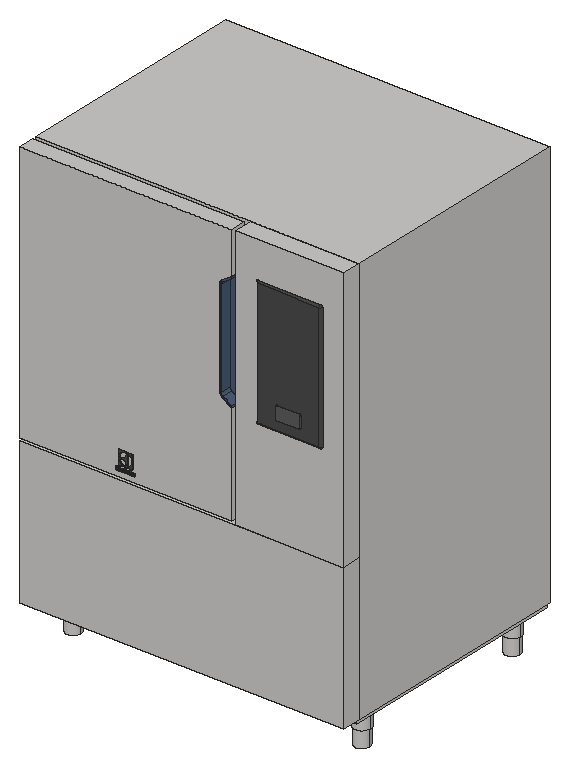
Revit family "QF_ELECTROLUXPROFESSIONAL_727742_EBFA12Q", category Specialty Equipment, Revit 2018 (continued)
Lines and regions (mm)
  Split face 221
    outline origin (170.176, -292.149, -222.619) x (-1, 0, 0) y (0, 0, -1)
      loop
        line (846.638, -548.639) -> (956.654, -548.639) -> (956.654, -543.665) -> (846.638, -543.665) -> (846.638, -548.639)
  Split face 222
    outline origin (170.176, -292.149, -213.119) x (-1, 0, 0) y (0, 0, -1)
      loop
        line (846.638, -548.639) -> (956.654, -548.639) -> (956.654, -543.665) -> (846.638, -543.665) -> (846.638, -548.639)
  Split face 223
    outline origin (170.176, -292.149, -203.619) x (-1, 0, 0) y (0, 0, -1)
      loop
        line (846.638, -548.639) -> (956.654, -548.639) -> (956.654, -543.665) -> (846.638, -543.665) -> (846.638, -548.639)
  Split face 224
    outline origin (170.176, -292.149, -194.118) x (-1, 0, 0) y (0, 0, -1)
      loop
        line (846.638, -548.639) -> (956.654, -548.639) -> (956.654, -543.665) -> (846.638, -543.665) -> (846.638, -548.639)
  Split face 225
    outline origin (170.176, -292.149, -184.618) x (-1, 0, 0) y (0, 0, -1)
      loop
        line (846.638, -548.639) -> (956.654, -548.639) -> (956.654, -543.665) -> (846.638, -543.665) -> (846.638, -548.639)
  Split face 226
    outline origin (170.176, -292.149, -175.118) x (-1, 0, 0) y (0, 0, -1)
      loop
        line (846.638, -548.639) -> (956.654, -548.639) -> (956.654, -543.665) -> (846.638, -543.665) -> (846.638, -548.639)
  Split face 227
    outline origin (170.176, -292.149, -165.618) x (-1, 0, 0) y (0, 0, -1)
      loop
        line (846.638, -548.639) -> (956.654, -548.639) -> (956.654, -543.665) -> (846.638, -543.665) -> (846.638, -548.639)
  Split face 228
    outline origin (170.176, -292.149, -156.118) x (-1, 0, 0) y (0, 0, -1)
      loop
        line (846.638, -548.639) -> (956.654, -548.639) -> (956.654, -543.665) -> (846.638, -543.665) -> (846.638, -548.639)
  Split face 229
    outline origin (170.176, -292.149, -146.618) x (-1, 0, 0) y (0, 0, -1)
      loop
        line (846.638, -548.639) -> (956.654, -548.639) -> (956.654, -543.665) -> (846.638, -543.665) -> (846.638, -548.639)
  Split face 230
    outline origin (170.176, -292.149, -137.118) x (-1, 0, 0) y (0, 0, -1)
      loop
        line (846.638, -548.639) -> (956.654, -548.639) -> (956.654, -543.665) -> (846.638, -543.665) -> (846.638, -548.639)
  Split face 231
    outline origin (170.176, -292.149, -127.618) x (-1, 0, 0) y (0, 0, -1)
      loop
        line (846.638, -548.639) -> (956.654, -548.639) -> (956.654, -543.665) -> (846.638, -543.665) -> (846.638, -548.639)
  Split face 232
    outline origin (170.176, -292.149, -118.118) x (-1, 0, 0) y (0, 0, -1)
      loop
        line (846.638, -548.639) -> (956.654, -548.639) -> (956.654, -543.665) -> (846.638, -543.665) -> (846.638, -548.639)
  Split face 233
    outline origin (170.176, -292.149, -108.618) x (-1, 0, 0) y (0, 0, -1)
      loop
        line (846.638, -548.639) -> (956.654, -548.639) -> (956.654, -543.665) -> (846.638, -543.665) -> (846.638, -548.639)
  Split face 234
    outline origin (170.176, -292.149, -99.118) x (-1, 0, 0) y (0, 0, -1)
      loop
        line (846.638, -548.639) -> (956.654, -548.639) -> (956.654, -543.665) -> (846.638, -543.665) -> (846.638, -548.639)
  Split face 235
    outline origin (170.176, -292.149, -89.618) x (-1, 0, 0) y (0, 0, -1)
      loop
        line (846.638, -548.639) -> (956.654, -548.639) -> (956.654, -543.665) -> (846.638, -543.665) -> (846.638, -548.639)
  Split face 236
    outline origin (170.176, -292.149, -80.117) x (-1, 0, 0) y (0, 0, -1)
      loop
        line (846.638, -548.639) -> (956.654, -548.639) -> (956.654, -543.665) -> (846.638, -543.665) -> (846.638, -548.639)
  Split face 237
    outline origin (170.176, -292.149, -70.617) x (-1, 0, 0) y (0, 0, -1)
      loop
        line (846.638, -548.639) -> (956.654, -548.639) -> (956.654, -543.665) -> (846.638, -543.665) -> (846.638, -548.639)
  Split face 238
    outline origin (170.176, -292.149, -61.117) x (-1, 0, 0) y (0, 0, -1)
      loop
        line (846.638, -548.639) -> (956.654, -548.639) -> (956.654, -543.665) -> (846.638, -543.665) -> (846.638, -548.639)
  Split face 239
    outline origin (170.176, -292.149, -51.617) x (-1, 0, 0) y (0, 0, -1)
      loop
        line (846.638, -548.639) -> (956.654, -548.639) -> (956.654, -543.665) -> (846.638, -543.665) -> (846.638, -548.639)
  Split face 240
    outline origin (170.176, -292.149, -42.117) x (-1, 0, 0) y (0, 0, -1)
      loop
        line (846.638, -548.639) -> (956.654, -548.639) -> (956.654, -543.665) -> (846.638, -543.665) -> (846.638, -548.639)
  Split face 241
    outline origin (170.176, -292.149, -32.617) x (-1, 0, 0) y (0, 0, -1)
      loop
        line (846.638, -548.639) -> (956.654, -548.639) -> (956.654, -543.665) -> (846.638, -543.665) -> (846.638, -548.639)
  Split face 242
    outline origin (170.176, -292.149, -23.117) x (-1, 0, 0) y (0, 0, -1)
      loop
        line (846.638, -548.639) -> (956.654, -548.639) -> (956.654, -543.665) -> (846.638, -543.665) -> (846.638, -548.639)
  Split face 243
    outline origin (170.176, -292.149, -13.617) x (-1, 0, 0) y (0, 0, -1)
      loop
        line (846.638, -548.639) -> (956.654, -548.639) -> (956.654, -543.665) -> (846.638, -543.665) -> (846.638, -548.639)
  Split face 244
    outline origin (170.176, -292.149, -4.117) x (-1, 0, 0) y (0, 0, -1)
      loop
        line (846.638, -548.639) -> (956.654, -548.639) -> (956.654, -543.665) -> (846.638, -543.665) -> (846.638, -548.639)
  Split face 245
    outline origin (170.176, -292.149, 5.383) x (-1, 0, 0) y (0, 0, -1)
      loop
        line (846.638, -548.639) -> (956.654, -548.639) -> (956.654, -543.665) -> (846.638, -543.665) -> (846.638, -548.639)
  Split face 246
    outline origin (170.176, -292.149, 14.883) x (-1, 0, 0) y (0, 0, -1)
      loop
        line (846.638, -548.639) -> (956.654, -548.639) -> (956.654, -543.665) -> (846.638, -543.665) -> (846.638, -548.639)
  Split face 247
    outline origin (50.185, -292.149, -365.12) x (-1, 0, 0) y (0, 0, -1)
      loop
        line (846.638, -548.639) -> (956.654, -548.639) -> (956.654, -543.665) -> (846.638, -543.665) -> (846.638, -548.639)
  Split face 248
    outline origin (50.185, -292.149, -355.62) x (-1, 0, 0) y (0, 0, -1)
      loop
        line (846.638, -548.639) -> (956.654, -548.639) -> (956.654, -543.665) -> (846.638, -543.665) -> (846.638, -548.639)
  Split face 249
    outline origin (50.185, -292.149, -346.12) x (-1, 0, 0) y (0, 0, -1)
      loop
        line (846.638, -548.639) -> (956.654, -548.639) -> (956.654, -543.665) -> (846.638, -543.665) -> (846.638, -548.639)
  Split face 250
    outline origin (50.185, -292.149, -336.62) x (-1, 0, 0) y (0, 0, -1)
      loop
        line (846.638, -548.639) -> (956.654, -548.639) -> (956.654, -543.665) -> (846.638, -543.665) -> (846.638, -548.639)
  Split face 251
    outline origin (50.185, -292.149, -327.12) x (-1, 0, 0) y (0, 0, -1)
      loop
        line (846.638, -548.639) -> (956.654, -548.639) -> (956.654, -543.665) -> (846.638, -543.665) -> (846.638, -548.639)
  Split face 252
    outline origin (50.185, -292.149, -317.619) x (-1, 0, 0) y (0, 0, -1)
      loop
        line (846.638, -548.639) -> (956.654, -548.639) -> (956.654, -543.665) -> (846.638, -543.665) -> (846.638, -548.639)
  Split face 253
    outline origin (50.185, -292.149, -308.119) x (-1, 0, 0) y (0, 0, -1)
      loop
        line (846.638, -548.639) -> (956.654, -548.639) -> (956.654, -543.665) -> (846.638, -543.665) -> (846.638, -548.639)
  Split face 254
    outline origin (50.185, -292.149, -298.619) x (-1, 0, 0) y (0, 0, -1)
      loop
        line (846.638, -548.639) -> (956.654, -548.639) -> (956.654, -543.665) -> (846.638, -543.665) -> (846.638, -548.639)
  Split face 255
    outline origin (50.185, -292.149, -289.119) x (-1, 0, 0) y (0, 0, -1)
      loop
        line (846.638, -548.639) -> (956.654, -548.639) -> (956.654, -543.665) -> (846.638, -543.665) -> (846.638, -548.639)
  Split face 256
    outline origin (50.185, -292.149, -279.619) x (-1, 0, 0) y (0, 0, -1)
      loop
        line (846.638, -548.639) -> (956.654, -548.639) -> (956.654, -543.665) -> (846.638, -543.665) -> (846.638, -548.639)
  Split face 257
    outline origin (50.185, -292.149, -270.119) x (-1, 0, 0) y (0, 0, -1)
      loop
        line (846.638, -548.639) -> (956.654, -548.639) -> (956.654, -543.665) -> (846.638, -543.665) -> (846.638, -548.639)
  Split face 258
    outline origin (50.185, -292.149, -260.619) x (-1, 0, 0) y (0, 0, -1)
      loop
        line (846.638, -548.639) -> (956.654, -548.639) -> (956.654, -543.665) -> (846.638, -543.665) -> (846.638, -548.639)
  Split face 259
    outline origin (50.185, -292.149, -251.119) x (-1, 0, 0) y (0, 0, -1)
      loop
        line (846.638, -548.639) -> (956.654, -548.639) -> (956.654, -543.665) -> (846.638, -543.665) -> (846.638, -548.639)
  Split face 260
    outline origin (50.185, -292.149, -241.619) x (-1, 0, 0) y (0, 0, -1)
      loop
        line (846.638, -548.639) -> (956.654, -548.639) -> (956.654, -543.665) -> (846.638, -543.665) -> (846.638, -548.639)
  Split face 261
    outline origin (50.185, -292.149, -232.119) x (-1, 0, 0) y (0, 0, -1)
      loop
        line (846.638, -548.639) -> (956.654, -548.639) -> (956.654, -543.665) -> (846.638, -543.665) -> (846.638, -548.639)
  Split face 262
    outline origin (50.185, -292.149, -222.619) x (-1, 0, 0) y (0, 0, -1)
      loop
        line (846.638, -548.639) -> (956.654, -548.639) -> (956.654, -543.665) -> (846.638, -543.665) -> (846.638, -548.639)
  Split face 263
    outline origin (50.185, -292.149, -213.119) x (-1, 0, 0) y (0, 0, -1)
      loop
        line (846.638, -548.639) -> (956.654, -548.639) -> (956.654, -543.665) -> (846.638, -543.665) -> (846.638, -548.639)
  Split face 264
    outline origin (50.185, -292.149, -203.619) x (-1, 0, 0) y (0, 0, -1)
      loop
        line (846.638, -548.639) -> (956.654, -548.639) -> (956.654, -543.665) -> (846.638, -543.665) -> (846.638, -548.639)
  Split face 265
    outline origin (50.185, -292.149, -194.118) x (-1, 0, 0) y (0, 0, -1)
      loop
        line (846.638, -548.639) -> (956.654, -548.639) -> (956.654, -543.665) -> (846.638, -543.665) -> (846.638, -548.639)
  Split face 266
    outline origin (50.185, -292.149, -184.618) x (-1, 0, 0) y (0, 0, -1)
      loop
        line (846.638, -548.639) -> (956.654, -548.639) -> (956.654, -543.665) -> (846.638, -543.665) -> (846.638, -548.639)
  Split face 267
    outline origin (50.185, -292.149, -175.118) x (-1, 0, 0) y (0, 0, -1)
      loop
        line (846.638, -548.639) -> (956.654, -548.639) -> (956.654, -543.665) -> (846.638, -543.665) -> (846.638, -548.639)
  Split face 268
    outline origin (50.185, -292.149, -165.618) x (-1, 0, 0) y (0, 0, -1)
      loop
        line (846.638, -548.639) -> (956.654, -548.639) -> (956.654, -543.665) -> (846.638, -543.665) -> (846.638, -548.639)
  Split face 269
    outline origin (50.185, -292.149, -156.118) x (-1, 0, 0) y (0, 0, -1)
      loop
        line (846.638, -548.639) -> (956.654, -548.639) -> (956.654, -543.665) -> (846.638, -543.665) -> (846.638, -548.639)
  Split face 270
    outline origin (50.185, -292.149, -146.618) x (-1, 0, 0) y (0, 0, -1)
      loop
        line (846.638, -548.639) -> (956.654, -548.639) -> (956.654, -543.665) -> (846.638, -543.665) -> (846.638, -548.639)
  Split face 271
    outline origin (50.185, -292.149, -137.118) x (-1, 0, 0) y (0, 0, -1)
      loop
        line (846.638, -548.639) -> (956.654, -548.639) -> (956.654, -543.665) -> (846.638, -543.665) -> (846.638, -548.639)
  Split face 272
    outline origin (50.185, -292.149, -127.618) x (-1, 0, 0) y (0, 0, -1)
      loop
        line (846.638, -548.639) -> (956.654, -548.639) -> (956.654, -543.665) -> (846.638, -543.665) -> (846.638, -548.639)
  Split face 273
    outline origin (50.185, -292.149, -118.118) x (-1, 0, 0) y (0, 0, -1)
      loop
        line (846.638, -548.639) -> (956.654, -548.639) -> (956.654, -543.665) -> (846.638, -543.665) -> (846.638, -548.639)
  Split face 274
    outline origin (50.185, -292.149, -108.618) x (-1, 0, 0) y (0, 0, -1)
      loop
        line (846.638, -548.639) -> (956.654, -548.639) -> (956.654, -543.665) -> (846.638, -543.665) -> (846.638, -548.639)
  Split face 275
    outline origin (50.185, -292.149, -99.118) x (-1, 0, 0) y (0, 0, -1)
      loop
        line (846.638, -548.639) -> (956.654, -548.639) -> (956.654, -543.665) -> (846.638, -543.665) -> (846.638, -548.639)
  Split face 276
    outline origin (50.185, -292.149, -89.618) x (-1, 0, 0) y (0, 0, -1)
      loop
        line (846.638, -548.639) -> (956.654, -548.639) -> (956.654, -543.665) -> (846.638, -543.665) -> (846.638, -548.639)
  Split face 277
    outline origin (50.185, -292.149, -80.117) x (-1, 0, 0) y (0, 0, -1)
      loop
        line (846.638, -548.639) -> (956.654, -548.639) -> (956.654, -543.665) -> (846.638, -543.665) -> (846.638, -548.639)
  Split face 278
    outline origin (50.185, -292.149, -70.617) x (-1, 0, 0) y (0, 0, -1)
      loop
        line (846.638, -548.639) -> (956.654, -548.639) -> (956.654, -543.665) -> (846.638, -543.665) -> (846.638, -548.639)
  Split face 279
    outline origin (50.185, -292.149, -61.117) x (-1, 0, 0) y (0, 0, -1)
      loop
        line (846.638, -548.639) -> (956.654, -548.639) -> (956.654, -543.665) -> (846.638, -543.665) -> (846.638, -548.639)
  Split face 280
    outline origin (50.185, -292.149, -51.617) x (-1, 0, 0) y (0, 0, -1)
      loop
        line (846.638, -548.639) -> (956.654, -548.639) -> (956.654, -543.665) -> (846.638, -543.665) -> (846.638, -548.639)
  Split face 281
    outline origin (50.185, -292.149, -42.117) x (-1, 0, 0) y (0, 0, -1)
      loop
        line (846.638, -548.639) -> (956.654, -548.639) -> (956.654, -543.665) -> (846.638, -543.665) -> (846.638, -548.639)
  Split face 282
    outline origin (50.185, -292.149, -32.617) x (-1, 0, 0) y (0, 0, -1)
      loop
        line (846.638, -548.639) -> (956.654, -548.639) -> (956.654, -543.665) -> (846.638, -543.665) -> (846.638, -548.639)
  Split face 283
    outline origin (50.185, -292.149, -23.117) x (-1, 0, 0) y (0, 0, -1)
      loop
        line (846.638, -548.639) -> (956.654, -548.639) -> (956.654, -543.665) -> (846.638, -543.665) -> (846.638, -548.639)
  Split face 284
    outline origin (50.185, -292.149, -13.617) x (-1, 0, 0) y (0, 0, -1)
      loop
        line (846.638, -548.639) -> (956.654, -548.639) -> (956.654, -543.665) -> (846.638, -543.665) -> (846.638, -548.639)
  Split face 285
    outline origin (50.185, -292.149, -4.117) x (-1, 0, 0) y (0, 0, -1)
      loop
        line (846.638, -548.639) -> (956.654, -548.639) -> (956.654, -543.665) -> (846.638, -543.665) -> (846.638, -548.639)
  Split face 286
    outline origin (50.185, -292.149, 5.383) x (-1, 0, 0) y (0, 0, -1)
      loop
        line (846.638, -548.639) -> (956.654, -548.639) -> (956.654, -543.665) -> (846.638, -543.665) -> (846.638, -548.639)
  Split face 287
    outline origin (50.185, -292.149, 14.883) x (-1, 0, 0) y (0, 0, -1)
      loop
        line (846.638, -548.639) -> (956.654, -548.639) -> (956.654, -543.665) -> (846.638, -543.665) -> (846.638, -548.639)
  Split face 288
    outline origin (530.15, -292.149, -365.12) x (-1, 0, 0) y (0, 0, -1)
      loop
        line (846.638, -548.639) -> (956.654, -548.639) -> (956.654, -543.665) -> (846.638, -543.665) -> (846.638, -548.639)
  Split face 289
    outline origin (530.15, -292.149, -355.62) x (-1, 0, 0) y (0, 0, -1)
      loop
        line (846.638, -548.639) -> (956.654, -548.639) -> (956.654, -543.665) -> (846.638, -543.665) -> (846.638, -548.639)
  Split face 290
    outline origin (530.15, -292.149, -346.12) x (-1, 0, 0) y (0, 0, -1)
      loop
        line (846.638, -548.639) -> (956.654, -548.639) -> (956.654, -543.665) -> (846.638, -543.665) -> (846.638, -548.639)
  Split face 291
    outline origin (530.15, -292.149, -336.62) x (-1, 0, 0) y (0, 0, -1)
      loop
        line (846.638, -548.639) -> (956.654, -548.639) -> (956.654, -543.665) -> (846.638, -543.665) -> (846.638, -548.639)
  Split face 292
    outline origin (530.15, -292.149, -327.12) x (-1, 0, 0) y (0, 0, -1)
      loop
        line (846.638, -548.639) -> (956.654, -548.639) -> (956.654, -543.665) -> (846.638, -543.665) -> (846.638, -548.639)
  Split face 293
    outline origin (530.15, -292.149, -317.619) x (-1, 0, 0) y (0, 0, -1)
      loop
        line (846.638, -548.639) -> (956.654, -548.639) -> (956.654, -543.665) -> (846.638, -543.665) -> (846.638, -548.639)
  Split face 294
    outline origin (530.15, -292.149, -308.119) x (-1, 0, 0) y (0, 0, -1)
      loop
        line (846.638, -548.639) -> (956.654, -548.639) -> (956.654, -543.665) -> (846.638, -543.665) -> (846.638, -548.639)
  Split face 295
    outline origin (530.15, -292.149, -298.619) x (-1, 0, 0) y (0, 0, -1)
      loop
        line (846.638, -548.639) -> (956.654, -548.639) -> (956.654, -543.665) -> (846.638, -543.665) -> (846.638, -548.639)
  Split face 296
    outline origin (530.15, -292.149, -289.119) x (-1, 0, 0) y (0, 0, -1)
      loop
        line (846.638, -548.639) -> (956.654, -548.639) -> (956.654, -543.665) -> (846.638, -543.665) -> (846.638, -548.639)
  Split face 297
    outline origin (530.15, -292.149, -279.619) x (-1, 0, 0) y (0, 0, -1)
      loop
        line (846.638, -548.639) -> (956.654, -548.639) -> (956.654, -543.665) -> (846.638, -543.665) -> (846.638, -548.639)
  Split face 298
    outline origin (530.15, -292.149, -270.119) x (-1, 0, 0) y (0, 0, -1)
      loop
        line (846.638, -548.639) -> (956.654, -548.639) -> (956.654, -543.665) -> (846.638, -543.665) -> (846.638, -548.639)
  Split face 299
    outline origin (530.15, -292.149, -260.619) x (-1, 0, 0) y (0, 0, -1)
      loop
        line (846.638, -548.639) -> (956.654, -548.639) -> (956.654, -543.665) -> (846.638, -543.665) -> (846.638, -548.639)
  Split face 300
    outline origin (530.15, -292.149, -251.119) x (-1, 0, 0) y (0, 0, -1)
      loop
        line (846.638, -548.639) -> (956.654, -548.639) -> (956.654, -543.665) -> (846.638, -543.665) -> (846.638, -548.639)
  Split face 301
    outline origin (530.15, -292.149, -241.619) x (-1, 0, 0) y (0, 0, -1)
      loop
        line (846.638, -548.639) -> (956.654, -548.639) -> (956.654, -543.665) -> (846.638, -543.665) -> (846.638, -548.639)
  Split face 302
    outline origin (530.15, -292.149, -232.119) x (-1, 0, 0) y (0, 0, -1)
      loop
        line (846.638, -548.639) -> (956.654, -548.639) -> (956.654, -543.665) -> (846.638, -543.665) -> (846.638, -548.639)
  Split face 303
    outline origin (530.15, -292.149, -222.619) x (-1, 0, 0) y (0, 0, -1)
      loop
        line (846.638, -548.639) -> (956.654, -548.639) -> (956.654, -543.665) -> (846.638, -543.665) -> (846.638, -548.639)
  Split face 304
    outline origin (530.15, -292.149, -213.119) x (-1, 0, 0) y (0, 0, -1)
      loop
        line (846.638, -548.639) -> (956.654, -548.639) -> (956.654, -543.665) -> (846.638, -543.665) -> (846.638, -548.639)
  Split face 305
    outline origin (530.15, -292.149, -203.619) x (-1, 0, 0) y (0, 0, -1)
      loop
        line (846.638, -548.639) -> (956.654, -548.639) -> (956.654, -543.665) -> (846.638, -543.665) -> (846.638, -548.639)
  Split face 306
    outline origin (530.15, -292.149, -194.118) x (-1, 0, 0) y (0, 0, -1)
      loop
        line (846.638, -548.639) -> (956.654, -548.639) -> (956.654, -543.665) -> (846.638, -543.665) -> (846.638, -548.639)
  Split face 307
    outline origin (530.15, -292.149, -184.618) x (-1, 0, 0) y (0, 0, -1)
      loop
        line (846.638, -548.639) -> (956.654, -548.639) -> (956.654, -543.665) -> (846.638, -543.665) -> (846.638, -548.639)
  Split face 308
    outline origin (530.15, -292.149, -175.118) x (-1, 0, 0) y (0, 0, -1)
      loop
        line (846.638, -548.639) -> (956.654, -548.639) -> (956.654, -543.665) -> (846.638, -543.665) -> (846.638, -548.639)
  Split face 309
    outline origin (530.15, -292.149, -165.618) x (-1, 0, 0) y (0, 0, -1)
      loop
        line (846.638, -548.639) -> (956.654, -548.639) -> (956.654, -543.665) -> (846.638, -543.665) -> (846.638, -548.639)
  Split face 310
    outline origin (530.15, -292.149, -156.118) x (-1, 0, 0) y (0, 0, -1)
      loop
        line (846.638, -548.639) -> (956.654, -548.639) -> (956.654, -543.665) -> (846.638, -543.665) -> (846.638, -548.639)
  Split face 311
    outline origin (530.15, -292.149, -146.618) x (-1, 0, 0) y (0, 0, -1)
      loop
        line (846.638, -548.639) -> (956.654, -548.639) -> (956.654, -543.665) -> (846.638, -543.665) -> (846.638, -548.639)
  Split face 312
    outline origin (530.15, -292.149, -137.118) x (-1, 0, 0) y (0, 0, -1)
      loop
        line (846.638, -548.639) -> (956.654, -548.639) -> (956.654, -543.665) -> (846.638, -543.665) -> (846.638, -548.639)
  Split face 313
    outline origin (530.15, -292.149, -127.618) x (-1, 0, 0) y (0, 0, -1)
      loop
        line (846.638, -548.639) -> (956.654, -548.639) -> (956.654, -543.665) -> (846.638, -543.665) -> (846.638, -548.639)
  Split face 314
    outline origin (530.15, -292.149, -118.118) x (-1, 0, 0) y (0, 0, -1)
      loop
        line (846.638, -548.639) -> (956.654, -548.639) -> (956.654, -543.665) -> (846.638, -543.665) -> (846.638, -548.639)
  Split face 315
    outline origin (530.15, -292.149, -108.618) x (-1, 0, 0) y (0, 0, -1)
      loop
        line (846.638, -548.639) -> (956.654, -548.639) -> (956.654, -543.665) -> (846.638, -543.665) -> (846.638, -548.639)
  Split face 316
    outline origin (530.15, -292.149, -99.118) x (-1, 0, 0) y (0, 0, -1)
      loop
        line (846.638, -548.639) -> (956.654, -548.639) -> (956.654, -543.665) -> (846.638, -543.665) -> (846.638, -548.639)
  Split face 317
    outline origin (530.15, -292.149, -89.618) x (-1, 0, 0) y (0, 0, -1)
      loop
        line (846.638, -548.639) -> (956.654, -548.639) -> (956.654, -543.665) -> (846.638, -543.665) -> (846.638, -548.639)
  Split face 318
    outline origin (530.15, -292.149, -80.117) x (-1, 0, 0) y (0, 0, -1)
      loop
        line (846.638, -548.639) -> (956.654, -548.639) -> (956.654, -543.665) -> (846.638, -543.665) -> (846.638, -548.639)
  Split face 319
    outline origin (530.15, -292.149, -70.617) x (-1, 0, 0) y (0, 0, -1)
      loop
        line (846.638, -548.639) -> (956.654, -548.639) -> (956.654, -543.665) -> (846.638, -543.665) -> (846.638, -548.639)
  Split face 320
    outline origin (530.15, -292.149, -61.117) x (-1, 0, 0) y (0, 0, -1)
      loop
        line (846.638, -548.639) -> (956.654, -548.639) -> (956.654, -543.665) -> (846.638, -543.665) -> (846.638, -548.639)
  Split face 321
    outline origin (530.15, -292.149, -51.617) x (-1, 0, 0) y (0, 0, -1)
      loop
        line (846.638, -548.639) -> (956.654, -548.639) -> (956.654, -543.665) -> (846.638, -543.665) -> (846.638, -548.639)
  Split face 322
    outline origin (530.15, -292.149, -42.117) x (-1, 0, 0) y (0, 0, -1)
      loop
        line (846.638, -548.639) -> (956.654, -548.639) -> (956.654, -543.665) -> (846.638, -543.665) -> (846.638, -548.639)
  Split face 323
    outline origin (530.15, -292.149, -32.617) x (-1, 0, 0) y (0, 0, -1)
      loop
        line (846.638, -548.639) -> (956.654, -548.639) -> (956.654, -543.665) -> (846.638, -543.665) -> (846.638, -548.639)
  Split face 324
    outline origin (530.15, -292.149, -23.117) x (-1, 0, 0) y (0, 0, -1)
      loop
        line (846.638, -548.639) -> (956.654, -548.639) -> (956.654, -543.665) -> (846.638, -543.665) -> (846.638, -548.639)
  Split face 325
    outline origin (530.15, -292.149, -13.617) x (-1, 0, 0) y (0, 0, -1)
      loop
        line (846.638, -548.639) -> (956.654, -548.639) -> (956.654, -543.665) -> (846.638, -543.665) -> (846.638, -548.639)
  Split face 326
    outline origin (530.15, -292.149, -4.117) x (-1, 0, 0) y (0, 0, -1)
      loop
        line (846.638, -548.639) -> (956.654, -548.639) -> (956.654, -543.665) -> (846.638, -543.665) -> (846.638, -548.639)
  Split face 327
    outline origin (530.15, -292.149, 5.383) x (-1, 0, 0) y (0, 0, -1)
      loop
        line (846.638, -548.639) -> (956.654, -548.639) -> (956.654, -543.665) -> (846.638, -543.665) -> (846.638, -548.639)
  Split face 328
    outline origin (530.15, -292.149, 14.883) x (-1, 0, 0) y (0, 0, -1)
      loop
        line (846.638, -548.639) -> (956.654, -548.639) -> (956.654, -543.665) -> (846.638, -543.665) -> (846.638, -548.639)
  Split face 329
    outline origin (410.159, -292.149, -365.12) x (-1, 0, 0) y (0, 0, -1)
      loop
        line (846.638, -548.639) -> (956.654, -548.639) -> (956.654, -543.665) -> (846.638, -543.665) -> (846.638, -548.639)
  Split face 330
    outline origin (410.159, -292.149, -355.62) x (-1, 0, 0) y (0, 0, -1)
      loop
        line (846.638, -548.639) -> (956.654, -548.639) -> (956.654, -543.665) -> (846.638, -543.665) -> (846.638, -548.639)
  Split face 331
    outline origin (410.159, -292.149, -346.12) x (-1, 0, 0) y (0, 0, -1)
      loop
        line (846.638, -548.639) -> (956.654, -548.639) -> (956.654, -543.665) -> (846.638, -543.665) -> (846.638, -548.639)
  Split face 332
    outline origin (410.159, -292.149, -336.62) x (-1, 0, 0) y (0, 0, -1)
      loop
        line (846.638, -548.639) -> (956.654, -548.639) -> (956.654, -543.665) -> (846.638, -543.665) -> (846.638, -548.639)
  Split face 333
    outline origin (410.159, -292.149, -327.12) x (-1, 0, 0) y (0, 0, -1)
      loop
        line (846.638, -548.639) -> (956.654, -548.639) -> (956.654, -543.665) -> (846.638, -543.665) -> (846.638, -548.639)
  Split face 334
    outline origin (410.159, -292.149, -317.619) x (-1, 0, 0) y (0, 0, -1)
      loop
        line (846.638, -548.639) -> (956.654, -548.639) -> (956.654, -543.665) -> (846.638, -543.665) -> (846.638, -548.639)
  Split face 335
    outline origin (410.159, -292.149, -308.119) x (-1, 0, 0) y (0, 0, -1)
      loop
        line (846.638, -548.639) -> (956.654, -548.639) -> (956.654, -543.665) -> (846.638, -543.665) -> (846.638, -548.639)
  Split face 336
    outline origin (410.159, -292.149, -298.619) x (-1, 0, 0) y (0, 0, -1)
      loop
        line (846.638, -548.639) -> (956.654, -548.639) -> (956.654, -543.665) -> (846.638, -543.665) -> (846.638, -548.639)
  Split face 337
    outline origin (410.159, -292.149, -289.119) x (-1, 0, 0) y (0, 0, -1)
      loop
        line (846.638, -548.639) -> (956.654, -548.639) -> (956.654, -543.665) -> (846.638, -543.665) -> (846.638, -548.639)
  Split face 338
    outline origin (410.159, -292.149, -279.619) x (-1, 0, 0) y (0, 0, -1)
      loop
        line (846.638, -548.639) -> (956.654, -548.639) -> (956.654, -543.665) -> (846.638, -543.665) -> (846.638, -548.639)
  Split face 339
    outline origin (410.159, -292.149, -270.119) x (-1, 0, 0) y (0, 0, -1)
      loop
        line (846.638, -548.639) -> (956.654, -548.639) -> (956.654, -543.665) -> (846.638, -543.665) -> (846.638, -548.639)
  Split face 340
    outline origin (410.159, -292.149, -260.619) x (-1, 0, 0) y (0, 0, -1)
      loop
        line (846.638, -548.639) -> (956.654, -548.639) -> (956.654, -543.665) -> (846.638, -543.665) -> (846.638, -548.639)
  Split face 341
    outline origin (410.159, -292.149, -251.119) x (-1, 0, 0) y (0, 0, -1)
      loop
        line (846.638, -548.639) -> (956.654, -548.639) -> (956.654, -543.665) -> (846.638, -543.665) -> (846.638, -548.639)
  Split face 342
    outline origin (410.159, -292.149, -241.619) x (-1, 0, 0) y (0, 0, -1)
      loop
        line (846.638, -548.639) -> (956.654, -548.639) -> (956.654, -543.665) -> (846.638, -543.665) -> (846.638, -548.639)
  Split face 343
    outline origin (410.159, -292.149, -232.119) x (-1, 0, 0) y (0, 0, -1)
      loop
        line (846.638, -548.639) -> (956.654, -548.639) -> (956.654, -543.665) -> (846.638, -543.665) -> (846.638, -548.639)
  Split face 344
    outline origin (410.159, -292.149, -222.619) x (-1, 0, 0) y (0, 0, -1)
      loop
        line (846.638, -548.639) -> (956.654, -548.639) -> (956.654, -543.665) -> (846.638, -543.665) -> (846.638, -548.639)
  Split face 345
    outline origin (410.159, -292.149, -213.119) x (-1, 0, 0) y (0, 0, -1)
      loop
        line (846.638, -548.639) -> (956.654, -548.639) -> (956.654, -543.665) -> (846.638, -543.665) -> (846.638, -548.639)
  Split face 346
    outline origin (410.159, -292.149, -203.619) x (-1, 0, 0) y (0, 0, -1)
      loop
        line (846.638, -548.639) -> (956.654, -548.639) -> (956.654, -543.665) -> (846.638, -543.665) -> (846.638, -548.639)
  Split face 347
    outline origin (410.159, -292.149, -194.118) x (-1, 0, 0) y (0, 0, -1)
      loop
        line (846.638, -548.639) -> (956.654, -548.639) -> (956.654, -543.665) -> (846.638, -543.665) -> (846.638, -548.639)
  Split face 348
    outline origin (410.159, -292.149, -184.618) x (-1, 0, 0) y (0, 0, -1)
      loop
        line (846.638, -548.639) -> (956.654, -548.639) -> (956.654, -543.665) -> (846.638, -543.665) -> (846.638, -548.639)
  Split face 349
    outline origin (410.159, -292.149, -175.118) x (-1, 0, 0) y (0, 0, -1)
      loop
        line (846.638, -548.639) -> (956.654, -548.639) -> (956.654, -543.665) -> (846.638, -543.665) -> (846.638, -548.639)
  Split face 350
    outline origin (410.159, -292.149, -165.618) x (-1, 0, 0) y (0, 0, -1)
      loop
        line (846.638, -548.639) -> (956.654, -548.639) -> (956.654, -543.665) -> (846.638, -543.665) -> (846.638, -548.639)
  Split face 351
    outline origin (410.159, -292.149, -156.118) x (-1, 0, 0) y (0, 0, -1)
      loop
        line (846.638, -548.639) -> (956.654, -548.639) -> (956.654, -543.665) -> (846.638, -543.665) -> (846.638, -548.639)
  Split face 352
    outline origin (410.159, -292.149, -146.618) x (-1, 0, 0) y (0, 0, -1)
      loop
        line (846.638, -548.639) -> (956.654, -548.639) -> (956.654, -543.665) -> (846.638, -543.665) -> (846.638, -548.639)
  Split face 353
    outline origin (410.159, -292.149, -137.118) x (-1, 0, 0) y (0, 0, -1)
      loop
        line (846.638, -548.639) -> (956.654, -548.639) -> (956.654, -543.665) -> (846.638, -543.665) -> (846.638, -548.639)
  Split face 354
    outline origin (410.159, -292.149, -127.618) x (-1, 0, 0) y (0, 0, -1)
      loop
        line (846.638, -548.639) -> (956.654, -548.639) -> (956.654, -543.665) -> (846.638, -543.665) -> (846.638, -548.639)
  Split face 355
    outline origin (410.159, -292.149, -118.118) x (-1, 0, 0) y (0, 0, -1)
      loop
        line (846.638, -548.639) -> (956.654, -548.639) -> (956.654, -543.665) -> (846.638, -543.665) -> (846.638, -548.639)
  Split face 356
    outline origin (410.159, -292.149, -108.618) x (-1, 0, 0) y (0, 0, -1)
      loop
        line (846.638, -548.639) -> (956.654, -548.639) -> (956.654, -543.665) -> (846.638, -543.665) -> (846.638, -548.639)
  Split face 357
    outline origin (410.159, -292.149, -99.118) x (-1, 0, 0) y (0, 0, -1)
      loop
        line (846.638, -548.639) -> (956.654, -548.639) -> (956.654, -543.665) -> (846.638, -543.665) -> (846.638, -548.639)
  Split face 358
    outline origin (410.159, -292.149, -89.618) x (-1, 0, 0) y (0, 0, -1)
      loop
        line (846.638, -548.639) -> (956.654, -548.639) -> (956.654, -543.665) -> (846.638, -543.665) -> (846.638, -548.639)
  Split face 359
    outline origin (410.159, -292.149, -80.117) x (-1, 0, 0) y (0, 0, -1)
      loop
        line (846.638, -548.639) -> (956.654, -548.639) -> (956.654, -543.665) -> (846.638, -543.665) -> (846.638, -548.639)
  Split face 360
    outline origin (410.159, -292.149, -70.617) x (-1, 0, 0) y (0, 0, -1)
      loop
        line (846.638, -548.639) -> (956.654, -548.639) -> (956.654, -543.665) -> (846.638, -543.665) -> (846.638, -548.639)
  Split face 361
    outline origin (410.159, -292.149, -61.117) x (-1, 0, 0) y (0, 0, -1)
      loop
        line (846.638, -548.639) -> (956.654, -548.639) -> (956.654, -543.665) -> (846.638, -543.665) -> (846.638, -548.639)
  Split face 362
    outline origin (410.159, -292.149, -51.617) x (-1, 0, 0) y (0, 0, -1)
      loop
        line (846.638, -548.639) -> (956.654, -548.639) -> (956.654, -543.665) -> (846.638, -543.665) -> (846.638, -548.639)
  Split face 363
    outline origin (410.159, -292.149, -42.117) x (-1, 0, 0) y (0, 0, -1)
      loop
        line (846.638, -548.639) -> (956.654, -548.639) -> (956.654, -543.665) -> (846.638, -543.665) -> (846.638, -548.639)
  Split face 364
    outline origin (410.159, -292.149, -32.617) x (-1, 0, 0) y (0, 0, -1)
      loop
        line (846.638, -548.639) -> (956.654, -548.639) -> (956.654, -543.665) -> (846.638, -543.665) -> (846.638, -548.639)
  Split face 365
    outline origin (410.159, -292.149, -23.117) x (-1, 0, 0) y (0, 0, -1)
      loop
        line (846.638, -548.639) -> (956.654, -548.639) -> (956.654, -543.665) -> (846.638, -543.665) -> (846.638, -548.639)
  Split face 366
    outline origin (410.159, -292.149, -13.617) x (-1, 0, 0) y (0, 0, -1)
      loop
        line (846.638, -548.639) -> (956.654, -548.639) -> (956.654, -543.665) -> (846.638, -543.665) -> (846.638, -548.639)
  Split face 367
    outline origin (410.159, -292.149, -4.117) x (-1, 0, 0) y (0, 0, -1)
      loop
        line (846.638, -548.639) -> (956.654, -548.639) -> (956.654, -543.665) -> (846.638, -543.665) -> (846.638, -548.639)
  Split face 368
    outline origin (410.159, -292.149, 5.383) x (-1, 0, 0) y (0, 0, -1)
      loop
        line (846.638, -548.639) -> (956.654, -548.639) -> (956.654, -543.665) -> (846.638, -543.665) -> (846.638, -548.639)
  Split face 369
    outline origin (410.159, -292.149, 14.883) x (-1, 0, 0) y (0, 0, -1)
      loop
        line (846.638, -548.639) -> (956.654, -548.639) -> (956.654, -543.665) -> (846.638, -543.665) -> (846.638, -548.639)
  Split face 370
    outline origin (650.142, -292.149, -365.12) x (-1, 0, 0) y (0, 0, -1)
      loop
        line (846.638, -548.639) -> (956.654, -548.639) -> (956.654, -543.665) -> (846.638, -543.665) -> (846.638, -548.639)
  Split face 371
    outline origin (650.142, -292.149, -355.62) x (-1, 0, 0) y (0, 0, -1)
      loop
        line (846.638, -548.639) -> (956.654, -548.639) -> (956.654, -543.665) -> (846.638, -543.665) -> (846.638, -548.639)
  Split face 372
    outline origin (650.142, -292.149, -346.12) x (-1, 0, 0) y (0, 0, -1)
      loop
        line (846.638, -548.639) -> (956.654, -548.639) -> (956.654, -543.665) -> (846.638, -543.665) -> (846.638, -548.639)
  Split face 373
    outline origin (650.142, -292.149, -336.62) x (-1, 0, 0) y (0, 0, -1)
      loop
        line (846.638, -548.639) -> (956.654, -548.639) -> (956.654, -543.665) -> (846.638, -543.665) -> (846.638, -548.639)
  Split face 374
    outline origin (650.142, -292.149, -327.12) x (-1, 0, 0) y (0, 0, -1)
      loop
        line (846.638, -548.639) -> (956.654, -548.639) -> (956.654, -543.665) -> (846.638, -543.665) -> (846.638, -548.639)
  Split face 375
    outline origin (650.142, -292.149, -317.619) x (-1, 0, 0) y (0, 0, -1)
      loop
        line (846.638, -548.639) -> (956.654, -548.639) -> (956.654, -543.665) -> (846.638, -543.665) -> (846.638, -548.639)
  Split face 376
    outline origin (650.142, -292.149, -308.119) x (-1, 0, 0) y (0, 0, -1)
      loop
        line (846.638, -548.639) -> (956.654, -548.639) -> (956.654, -543.665) -> (846.638, -543.665) -> (846.638, -548.639)
  Split face 377
    outline origin (650.142, -292.149, -298.619) x (-1, 0, 0) y (0, 0, -1)
      loop
        line (846.638, -548.639) -> (956.654, -548.639) -> (956.654, -543.665) -> (846.638, -543.665) -> (846.638, -548.639)
  Split face 378
    outline origin (650.142, -292.149, -289.119) x (-1, 0, 0) y (0, 0, -1)
      loop
        line (846.638, -548.639) -> (956.654, -548.639) -> (956.654, -543.665) -> (846.638, -543.665) -> (846.638, -548.639)
  Split face 379
    outline origin (650.142, -292.149, -279.619) x (-1, 0, 0) y (0, 0, -1)
      loop
        line (846.638, -548.639) -> (956.654, -548.639) -> (956.654, -543.665) -> (846.638, -543.665) -> (846.638, -548.639)
  Split face 380
    outline origin (650.142, -292.149, -270.119) x (-1, 0, 0) y (0, 0, -1)
      loop
        line (846.638, -548.639) -> (956.654, -548.639) -> (956.654, -543.665) -> (846.638, -543.665) -> (846.638, -548.639)
  Split face 381
    outline origin (650.142, -292.149, -260.619) x (-1, 0, 0) y (0, 0, -1)
      loop
        line (846.638, -548.639) -> (956.654, -548.639) -> (956.654, -543.665) -> (846.638, -543.665) -> (846.638, -548.639)
  Split face 382
    outline origin (650.142, -292.149, -251.119) x (-1, 0, 0) y (0, 0, -1)
      loop
        line (846.638, -548.639) -> (956.654, -548.639) -> (956.654, -543.665) -> (846.638, -543.665) -> (846.638, -548.639)
  Split face 383
    outline origin (650.142, -292.149, -241.619) x (-1, 0, 0) y (0, 0, -1)
      loop
        line (846.638, -548.639) -> (956.654, -548.639) -> (956.654, -543.665) -> (846.638, -543.665) -> (846.638, -548.639)
  Split face 384
    outline origin (650.142, -292.149, -232.119) x (-1, 0, 0) y (0, 0, -1)
      loop
        line (846.638, -548.639) -> (956.654, -548.639) -> (956.654, -543.665) -> (846.638, -543.665) -> (846.638, -548.639)
  Split face 385
    outline origin (650.142, -292.149, -222.619) x (-1, 0, 0) y (0, 0, -1)
      loop
        line (846.638, -548.639) -> (956.654, -548.639) -> (956.654, -543.665) -> (846.638, -543.665) -> (846.638, -548.639)
  Split face 386
    outline origin (650.142, -292.149, -213.119) x (-1, 0, 0) y (0, 0, -1)
      loop
        line (846.638, -548.639) -> (956.654, -548.639) -> (956.654, -543.665) -> (846.638, -543.665) -> (846.638, -548.639)
  Split face 387
    outline origin (650.142, -292.149, -203.619) x (-1, 0, 0) y (0, 0, -1)
      loop
        line (846.638, -548.639) -> (956.654, -548.639) -> (956.654, -543.665) -> (846.638, -543.665) -> (846.638, -548.639)
  Split face 388
    outline origin (650.142, -292.149, -194.118) x (-1, 0, 0) y (0, 0, -1)
      loop
        line (846.638, -548.639) -> (956.654, -548.639) -> (956.654, -543.665) -> (846.638, -543.665) -> (846.638, -548.639)
  Split face 389
    outline origin (650.142, -292.149, -184.618) x (-1, 0, 0) y (0, 0, -1)
      loop
        line (846.638, -548.639) -> (956.654, -548.639) -> (956.654, -543.665) -> (846.638, -543.665) -> (846.638, -548.639)
  Split face 390
    outline origin (650.142, -292.149, -175.118) x (-1, 0, 0) y (0, 0, -1)
      loop
        line (846.638, -548.639) -> (956.654, -548.639) -> (956.654, -543.665) -> (846.638, -543.665) -> (846.638, -548.639)
  Split face 391
    outline origin (650.142, -292.149, -165.618) x (-1, 0, 0) y (0, 0, -1)
      loop
        line (846.638, -548.639) -> (956.654, -548.639) -> (956.654, -543.665) -> (846.638, -543.665) -> (846.638, -548.639)
  Split face 392
    outline origin (650.142, -292.149, -156.118) x (-1, 0, 0) y (0, 0, -1)
      loop
        line (846.638, -548.639) -> (956.654, -548.639) -> (956.654, -543.665) -> (846.638, -543.665) -> (846.638, -548.639)
  Split face 393
    outline origin (650.142, -292.149, -146.618) x (-1, 0, 0) y (0, 0, -1)
      loop
        line (846.638, -548.639) -> (956.654, -548.639) -> (956.654, -543.665) -> (846.638, -543.665) -> (846.638, -548.639)
  Split face 394
    outline origin (650.142, -292.149, -137.118) x (-1, 0, 0) y (0, 0, -1)
      loop
        line (846.638, -548.639) -> (956.654, -548.639) -> (956.654, -543.665) -> (846.638, -543.665) -> (846.638, -548.639)
  Split face 395
    outline origin (650.142, -292.149, -127.618) x (-1, 0, 0) y (0, 0, -1)
      loop
        line (846.638, -548.639) -> (956.654, -548.639) -> (956.654, -543.665) -> (846.638, -543.665) -> (846.638, -548.639)
  Split face 396
    outline origin (650.142, -292.149, -118.118) x (-1, 0, 0) y (0, 0, -1)
      loop
        line (846.638, -548.639) -> (956.654, -548.639) -> (956.654, -543.665) -> (846.638, -543.665) -> (846.638, -548.639)
  Split face 397
    outline origin (650.142, -292.149, -108.618) x (-1, 0, 0) y (0, 0, -1)
      loop
        line (846.638, -548.639) -> (956.654, -548.639) -> (956.654, -543.665) -> (846.638, -543.665) -> (846.638, -548.639)
  Split face 398
    outline origin (650.142, -292.149, -99.118) x (-1, 0, 0) y (0, 0, -1)
      loop
        line (846.638, -548.639) -> (956.654, -548.639) -> (956.654, -543.665) -> (846.638, -543.665) -> (846.638, -548.639)
  Split face 399
    outline origin (650.142, -292.149, -89.618) x (-1, 0, 0) y (0, 0, -1)
      loop
        line (846.638, -548.639) -> (956.654, -548.639) -> (956.654, -543.665) -> (846.638, -543.665) -> (846.638, -548.639)
  Split face 400
    outline origin (650.142, -292.149, -80.117) x (-1, 0, 0) y (0, 0, -1)
      loop
        line (846.638, -548.639) -> (956.654, -548.639) -> (956.654, -543.665) -> (846.638, -543.665) -> (846.638, -548.639)
  Split face 401
    outline origin (650.142, -292.149, -70.617) x (-1, 0, 0) y (0, 0, -1)
      loop
        line (846.638, -548.639) -> (956.654, -548.639) -> (956.654, -543.665) -> (846.638, -543.665) -> (846.638, -548.639)
  Split face 402
    outline origin (650.142, -292.149, -61.117) x (-1, 0, 0) y (0, 0, -1)
      loop
        line (846.638, -548.639) -> (956.654, -548.639) -> (956.654, -543.665) -> (846.638, -543.665) -> (846.638, -548.639)
  Split face 403
    outline origin (650.142, -292.149, -51.617) x (-1, 0, 0) y (0, 0, -1)
      loop
        line (846.638, -548.639) -> (956.654, -548.639) -> (956.654, -543.665) -> (846.638, -543.665) -> (846.638, -548.639)
  Split face 404
    outline origin (650.142, -292.149, -42.117) x (-1, 0, 0) y (0, 0, -1)
      loop
        line (846.638, -548.639) -> (956.654, -548.639) -> (956.654, -543.665) -> (846.638, -543.665) -> (846.638, -548.639)
  Split face 405
    outline origin (650.142, -292.149, -32.617) x (-1, 0, 0) y (0, 0, -1)
      loop
        line (846.638, -548.639) -> (956.654, -548.639) -> (956.654, -543.665) -> (846.638, -543.665) -> (846.638, -548.639)
  Split face 406
    outline origin (650.142, -292.149, -23.117) x (-1, 0, 0) y (0, 0, -1)
      loop
        line (846.638, -548.639) -> (956.654, -548.639) -> (956.654, -543.665) -> (846.638, -543.665) -> (846.638, -548.639)
  Split face 407
    outline origin (650.142, -292.149, -13.617) x (-1, 0, 0) y (0, 0, -1)
      loop
        line (846.638, -548.639) -> (956.654, -548.639) -> (956.654, -543.665) -> (846.638, -543.665) -> (846.638, -548.639)
  Split face 408
    outline origin (650.142, -292.149, -4.117) x (-1, 0, 0) y (0, 0, -1)
      loop
        line (846.638, -548.639) -> (956.654, -548.639) -> (956.654, -543.665) -> (846.638, -543.665) -> (846.638, -548.639)
  Split face 409
    outline origin (650.142, -292.149, 5.383) x (-1, 0, 0) y (0, 0, -1)
      loop
        line (846.638, -548.639) -> (956.654, -548.639) -> (956.654, -543.665) -> (846.638, -543.665) -> (846.638, -548.639)
  Split face 410
    outline origin (650.142, -292.149, 14.883) x (-1, 0, 0) y (0, 0, -1)
      loop
        line (846.638, -548.639) -> (956.654, -548.639) -> (956.654, -543.665) -> (846.638, -543.665) -> (846.638, -548.639)
  symbolic lines
    curve 1: line (-936.5, 703.851, 1730) -> (313.5, 703.851, 1730)
    curve 2: line (-936.5, -216.149, 1730) -> (-936.5, 703.851, 1730)
    curve 3: line (313.5, -292.149, 1730) -> (-103.5, -292.149, 1730)
    curve 4: line (313.5, 703.851, 1730) -> (313.5, -292.149, 1730)
    curve 5: line (-26.102, 703.851, 1730) -> (-18.01, 795.851, 1730)
    curve 6: line (-18.01, 795.851, 1730) -> (146.222, 795.851, 1730)
    curve 7: line (146.222, 795.851, 1730) -> (154.314, 703.851, 1730)
    curve 8: line (210, 732.851, 1730) -> (231, 732.851, 1730)
    curve 9: line (231, 732.851, 1730) -> (231, 703.851, 1730)
    curve 10: line (210, 732.851, 1730) -> (210, 703.851, 1730)
    curve 11: line (224, -297.149, 1730) -> (-14, -297.149, 1730)
    curve 12: line (-14, -297.149, 1730) -> (-22, -292.149, 1730)
    curve 13: line (224, -297.149, 1730) -> (232, -292.149, 1730)
    curve 18: line (-103.5, -292.149, 0) -> (-103.5, -216.149, 0)
    curve 19: line (-103.5, -216.149, 0) -> (-936.5, -216.149, 0)
    curve 20: line (-936.5, -232.149, 0) -> (-118.3, -232.149, 0)
    curve 21: line (-936.5, -292.149, 0) -> (-936.5, -232.149, 0)
    curve 22: line (-118.3, -292.149, 0) -> (-936.5, -292.149, 0)
    curve 23: line (-118.3, -232.149, 0) -> (-118.3, -292.149, 0)
    curve 24: line (-163.04, -293.149, 0) -> (-115.8, -293.149, 0)
    curve 25: line (-115.8, -293.149, 0) -> (-115.8, -253.149, 0)
    curve 26: line (-115.8, -253.149, 0) -> (-118.3, -253.149, 0)
    curve 27: line (-163.04, -293.149, 0) -> (-163.04, -292.149, 0)
  symbolic lines, style "QF_Door-Drawer Clearances", visible <- "Show Clearance"
    curve 14: arc (-118.3, -292.149, 1730) -> (-346.842, -832.215, 1730) -> (-883.5, -1068.649, 1730) r 795
    curve 15: line (-943.5, -1068.649, 1730) -> (-943.5, -292.149, 1730)
    curve 16: line (-883.5, -1068.649, 1730) -> (-943.5, -1068.649, 1730)
    curve 17: line (-883.5, -1068.649, 1730) -> (-883.5, -292.149, 1730)
Dimensions and locks
  plane 4 "BACK" to plane 5 "FRONT" = 996 mm
  equal spacing: plane 4 "BACK", plane 1 "Center X", plane 5 "FRONT"
  Extrusion 3 sketch curve to Extrusion 9 = 93 mm
  level to Extrusion 3 sketch curve = 593 mm
  plane 4 "BACK" to Extrusion 6 sketch curve = 488 mm
  Extrusion 6 sketch curve to plane 11 "RIGHT" = 680 mm
  aligned and locked: level to plane 2
  aligned and locked: nested 4 to plane 8
  aligned and locked: nested 3 to plane 8
  aligned and locked: Extrusion 12 to Extrusion 11
  aligned and locked: Extrusion 16 to Extrusion 15
  aligned and locked: plane 13 to nested 4
  aligned and locked: nested 2 to plane 14
  aligned and locked: nested 3 to plane 14
  aligned and locked: nested 1 to plane 15
  aligned and locked: nested 2 to plane 15
Automatic sketch dimensions
  Extrusion 1 sketch curve to plane 4 "BACK" = 0 mm
  Extrusion 1 sketch curve to plane 11 "RIGHT" = 0 mm
  Extrusion 1 sketch curve to plane 12 "LEFT" = 0 mm
  Extrusion 2 sketch curve to plane 4 "BACK" = 0 mm
  Extrusion 2 sketch curve to plane 9 = 0 mm  (x5)
  Extrusion 2 sketch curve to plane 9 = 10 mm
  Extrusion 2 sketch curve to plane 9 = 8 mm
  Extrusion 2 sketch curve to plane 9 = 7.305 mm
  Extrusion 2 sketch curve to plane 9 = 4.997 mm
  plane 9 to Extrusion 2 sketch curve = 8.773 mm  (x4)
  plane 6 to Extrusion 2 sketch curve = 521.023 mm
  Extrusion 2 sketch curve to Extrusion 2 sketch curve = 7.476 mm
  Extrusion 2 sketch curve to Extrusion 2 sketch curve = 25.474 mm
  Extrusion 2 sketch curve to Extrusion 2 sketch curve = 9.313 mm  (x4)
  Extrusion 2 sketch curve to Extrusion 2 sketch curve = 31.38 mm  (x3)
  Extrusion 2 sketch curve to Extrusion 2 sketch curve = 32.916 mm
  Extrusion 2 sketch curve to Extrusion 2 sketch curve = 50.851 mm
  Extrusion 4 sketch curve to plane 11 "RIGHT" = 0 mm
  Extrusion 4 sketch curve to plane 5 "FRONT" = 0 mm
  Extrusion 4 sketch curve to plane 12 "LEFT" = 0 mm
  Extrusion 4 sketch curve to Extrusion 4 sketch curve = 75 mm
  Extrusion 5 sketch curve to plane 4 "BACK" = 0 mm
  Extrusion 5 sketch curve to plane 14 = 58 mm
  Extrusion 5 sketch curve to plane 13 = 58 mm
  Split face 1 sketch curve to Extrusion 4 = 30.031 mm
  Split face 1 sketch curve to Extrusion 4 = 28.525 mm
  Split face 1 sketch curve to Split face 1 sketch curve = 110.016 mm
  Split face 1 sketch curve to Split face 1 sketch curve = 4.974 mm
  Extrusion 7 sketch curve to plane 4 "BACK" = 0 mm  (x2)
  Extrusion 7 sketch curve to plane 9 = 0 mm  (x2)
  plane 14 to Extrusion 7 sketch curve = 90.555 mm
  Extrusion 7 sketch curve to Extrusion 7 sketch curve = 1.631 mm  (x2)
  Extrusion 7 sketch curve to Extrusion 7 sketch curve = 9.723 mm
  Extrusion 7 sketch curve to Extrusion 7 sketch curve = 164.232 mm
  Extrusion 7 sketch curve to Extrusion 7 sketch curve = 8.092 mm
  Extrusion 8 sketch curve to plane 7 "TOP" = 0 mm
  Extrusion 8 sketch curve to plane 12 "LEFT" = 0 mm
  plane 3 "Center Y" to Extrusion 8 sketch curve = 148.46 mm
  Extrusion 8 sketch curve to Extrusion 8 sketch curve = 8.487 mm
  Extrusion 8 sketch curve to Extrusion 8 sketch curve = 8.95 mm
  Extrusion 8 sketch curve to Extrusion 8 sketch curve = 10.513 mm
  Extrusion 8 sketch curve to Extrusion 8 sketch curve = 11.05 mm
  Extrusion 8 sketch curve to Extrusion 8 sketch curve = 35.79 mm
  Extrusion 8 sketch curve to Extrusion 8 sketch curve = 36.253 mm
  Extrusion 8 sketch curve to plane 7 "TOP" = 162.03 mm
  Extrusion 8 sketch curve to Extrusion 8 sketch curve = 24.082 mm
  Extrusion 8 sketch curve to Extrusion 8 sketch curve = 374.913 mm
  Extrusion 8 sketch curve to Extrusion 8 sketch curve = 23.723 mm
  plane 6 to Extrusion 8 sketch curve = 589.524 mm
  Extrusion 9 sketch curve to plane 5 "FRONT" = 0 mm
  Extrusion 9 sketch curve to plane 11 "RIGHT" = 0 mm
  plane 5 "FRONT" to Extrusion 9 sketch curve = 75 mm
  plane 3 "Center Y" to Extrusion 9 sketch curve = 208 mm
  plane 3 "Center Y" to Extrusion 11 sketch curve = 148.46 mm
  Extrusion 11 sketch curve to Extrusion 11 sketch curve = 8.487 mm
  Extrusion 11 sketch curve to Extrusion 11 sketch curve = 8.95 mm
  Extrusion 11 sketch curve to Extrusion 11 sketch curve = 10.513 mm
  Extrusion 11 sketch curve to Extrusion 11 sketch curve = 11.05 mm
  Extrusion 11 sketch curve to plane 7 "TOP" = 186.112 mm
  Extrusion 11 sketch curve to Extrusion 11 sketch curve = 374.913 mm
  Extrusion 11 sketch curve to Extrusion 11 sketch curve = 36.253 mm
  Extrusion 11 sketch curve to Extrusion 11 sketch curve = 35.79 mm
  Extrusion 11 sketch curve to Extrusion 11 sketch curve = 0 mm  (x3)
  Extrusion 11 sketch curve to Extrusion 11 sketch curve = 24.082 mm
  Extrusion 11 sketch curve to Extrusion 11 sketch curve = 23.723 mm
  Extrusion 12 sketch curve to Extrusion 12 sketch curve = 0 mm  (x4)
  plane 3 "Center Y" to Extrusion 12 sketch curve = 195.7 mm  (x2)
  Extrusion 12 sketch curve to Extrusion 12 sketch curve = 2.5 mm  (x2)
  Extrusion 12 sketch curve to Extrusion 12 sketch curve = 27.24 mm
  Extrusion 12 sketch curve to Extrusion 12 sketch curve = 28.24 mm
  Extrusion 12 sketch curve to Extrusion 12 sketch curve = 7.459 mm
  Extrusion 12 sketch curve to Extrusion 12 sketch curve = 6.917 mm
  Extrusion 12 sketch curve to Extrusion 12 sketch curve = 3.591 mm
  Extrusion 12 sketch curve to Extrusion 12 sketch curve = 3.597 mm
  Extrusion 12 sketch curve to Extrusion 12 sketch curve = 5.583 mm
  Extrusion 12 sketch curve to Extrusion 12 sketch curve = 6.5 mm
  Extrusion 12 sketch curve to plane 7 "TOP" = 162.03 mm
  Extrusion 12 sketch curve to Extrusion 12 sketch curve = 6.143 mm
  Extrusion 12 sketch curve to Extrusion 12 sketch curve = 17.939 mm
  Extrusion 12 sketch curve to Extrusion 12 sketch curve = 374.913 mm
  Extrusion 12 sketch curve to Extrusion 12 sketch curve = 23 mm
  Extrusion 12 sketch curve to Extrusion 12 sketch curve = 6.141 mm
  plane 13 to Extrusion 13 sketch curve = 7 mm
  plane 3 "Center Y" to Extrusion 13 sketch curve = 60 mm
  Extrusion 13 sketch curve to plane 7 "TOP" = 74 mm
  plane 6 to Extrusion 13 sketch curve = 624 mm
  Split face 2 sketch curve to Extrusion 4 = 30.031 mm
  Split face 2 sketch curve to Extrusion 4 = 38.025 mm
  Split face 2 sketch curve to Split face 2 sketch curve = 110.016 mm
  Split face 2 sketch curve to Split face 2 sketch curve = 4.974 mm
  Split face 3 sketch curve to Extrusion 4 = 30.031 mm
  Split face 3 sketch curve to Extrusion 4 = 47.525 mm
  Split face 3 sketch curve to Split face 3 sketch curve = 110.016 mm
  Split face 3 sketch curve to Split face 3 sketch curve = 4.974 mm
  Split face 4 sketch curve to Extrusion 4 = 30.031 mm
  Split face 4 sketch curve to Split face 4 sketch curve = 110.016 mm
  Split face 4 sketch curve to Extrusion 4 = 61.999 mm
  Split face 4 sketch curve to Split face 4 sketch curve = 4.974 mm
  Split face 5 sketch curve to Extrusion 4 = 30.031 mm
  Split face 5 sketch curve to Split face 5 sketch curve = 110.016 mm
  Split face 5 sketch curve to Extrusion 4 = 71.499 mm
  Split face 5 sketch curve to Split face 5 sketch curve = 4.974 mm
  Split face 6 sketch curve to Extrusion 4 = 30.031 mm
  Split face 6 sketch curve to Split face 6 sketch curve = 110.016 mm
  Split face 6 sketch curve to Extrusion 4 = 80.999 mm
  Split face 6 sketch curve to Split face 6 sketch curve = 4.974 mm
  Split face 7 sketch curve to Extrusion 4 = 30.031 mm
  Split face 7 sketch curve to Split face 7 sketch curve = 110.016 mm
  Split face 7 sketch curve to Extrusion 4 = 90.499 mm
  Split face 7 sketch curve to Split face 7 sketch curve = 4.974 mm
  Split face 8 sketch curve to Extrusion 4 = 30.031 mm
  Split face 8 sketch curve to Split face 8 sketch curve = 110.016 mm
  Split face 8 sketch curve to Extrusion 4 = 99.999 mm
  Split face 8 sketch curve to Split face 8 sketch curve = 4.974 mm
  Split face 9 sketch curve to Extrusion 4 = 30.031 mm
  Split face 9 sketch curve to Split face 9 sketch curve = 110.016 mm
  Split face 9 sketch curve to Extrusion 4 = 109.499 mm
  Split face 9 sketch curve to Split face 9 sketch curve = 4.974 mm
  Split face 10 sketch curve to Extrusion 4 = 30.031 mm
  Split face 10 sketch curve to Split face 10 sketch curve = 110.016 mm
  Split face 10 sketch curve to Extrusion 4 = 119 mm
  Split face 10 sketch curve to Split face 10 sketch curve = 4.974 mm
  Split face 11 sketch curve to Extrusion 4 = 30.031 mm
  Split face 11 sketch curve to Split face 11 sketch curve = 110.016 mm
  Split face 11 sketch curve to Extrusion 4 = 128.5 mm
  Split face 11 sketch curve to Split face 11 sketch curve = 4.974 mm
  Split face 12 sketch curve to Extrusion 4 = 30.031 mm
  Split face 12 sketch curve to Split face 12 sketch curve = 110.016 mm
  Split face 12 sketch curve to Extrusion 4 = 138 mm
  Split face 12 sketch curve to Split face 12 sketch curve = 4.974 mm
  Split face 13 sketch curve to Extrusion 4 = 30.031 mm
  Split face 13 sketch curve to Split face 13 sketch curve = 110.016 mm
  Split face 13 sketch curve to Extrusion 4 = 147.5 mm
  Split face 13 sketch curve to Split face 13 sketch curve = 4.974 mm
  Split face 14 sketch curve to Extrusion 4 = 30.031 mm
  Split face 14 sketch curve to Split face 14 sketch curve = 110.016 mm
  Split face 14 sketch curve to Extrusion 4 = 157 mm
  Split face 14 sketch curve to Split face 14 sketch curve = 4.974 mm
  Split face 15 sketch curve to Extrusion 4 = 30.031 mm
  Split face 15 sketch curve to Split face 15 sketch curve = 110.016 mm
  Split face 15 sketch curve to Extrusion 4 = 166.5 mm
  Split face 15 sketch curve to Split face 15 sketch curve = 4.974 mm
  Split face 16 sketch curve to Extrusion 4 = 30.031 mm
  Split face 16 sketch curve to Split face 16 sketch curve = 110.016 mm
  Split face 16 sketch curve to Extrusion 4 = 176 mm
  Split face 16 sketch curve to Split face 16 sketch curve = 4.974 mm
  Split face 17 sketch curve to Extrusion 4 = 30.031 mm
  Split face 17 sketch curve to Split face 17 sketch curve = 110.016 mm
  Split face 17 sketch curve to Extrusion 4 = 185.5 mm
  Split face 17 sketch curve to Split face 17 sketch curve = 4.974 mm
  Split face 18 sketch curve to Extrusion 4 = 30.031 mm
  Split face 18 sketch curve to Split face 18 sketch curve = 110.016 mm
  Split face 18 sketch curve to Extrusion 4 = 195 mm
  Split face 18 sketch curve to Split face 18 sketch curve = 4.974 mm
  Split face 19 sketch curve to Extrusion 4 = 30.031 mm
  Split face 19 sketch curve to Split face 19 sketch curve = 110.016 mm
  Split face 19 sketch curve to Extrusion 4 = 204.5 mm
  Split face 19 sketch curve to Split face 19 sketch curve = 4.974 mm
  Split face 20 sketch curve to Extrusion 4 = 30.031 mm
  Split face 20 sketch curve to Split face 20 sketch curve = 110.016 mm
  Split face 20 sketch curve to Extrusion 4 = 214 mm
  Split face 20 sketch curve to Split face 20 sketch curve = 4.974 mm
  Split face 21 sketch curve to Extrusion 4 = 30.031 mm
  Split face 21 sketch curve to Split face 21 sketch curve = 110.016 mm
  Split face 21 sketch curve to Extrusion 4 = 223.5 mm
  Split face 21 sketch curve to Split face 21 sketch curve = 4.974 mm
  Split face 22 sketch curve to Extrusion 4 = 30.031 mm
  Split face 22 sketch curve to Split face 22 sketch curve = 110.016 mm
  Split face 22 sketch curve to Extrusion 4 = 233.001 mm
  Split face 22 sketch curve to Split face 22 sketch curve = 4.974 mm
  Split face 23 sketch curve to Extrusion 4 = 30.031 mm
  Split face 23 sketch curve to Split face 23 sketch curve = 110.016 mm
  Split face 23 sketch curve to Extrusion 4 = 242.501 mm
  Split face 23 sketch curve to Split face 23 sketch curve = 4.974 mm
  Split face 24 sketch curve to Extrusion 4 = 30.031 mm
  Split face 24 sketch curve to Split face 24 sketch curve = 110.016 mm
  Split face 24 sketch curve to Extrusion 4 = 252.001 mm
  Split face 24 sketch curve to Split face 24 sketch curve = 4.974 mm
  Split face 25 sketch curve to Extrusion 4 = 30.031 mm
  Split face 25 sketch curve to Split face 25 sketch curve = 110.016 mm
  Split face 25 sketch curve to Extrusion 4 = 261.501 mm
  Split face 25 sketch curve to Split face 25 sketch curve = 4.974 mm
  Split face 26 sketch curve to Extrusion 4 = 30.031 mm
  Split face 26 sketch curve to Split face 26 sketch curve = 110.016 mm
  Split face 26 sketch curve to Extrusion 4 = 271.001 mm
  Split face 26 sketch curve to Split face 26 sketch curve = 4.974 mm
  Split face 27 sketch curve to Extrusion 4 = 30.031 mm
  Split face 27 sketch curve to Split face 27 sketch curve = 110.016 mm
  Split face 27 sketch curve to Extrusion 4 = 279.479 mm
  Split face 27 sketch curve to Split face 27 sketch curve = 4.974 mm
  Split face 28 sketch curve to Extrusion 4 = 30.031 mm
  Split face 28 sketch curve to Split face 28 sketch curve = 110.016 mm
  Split face 28 sketch curve to Extrusion 4 = 269.979 mm
  Split face 28 sketch curve to Split face 28 sketch curve = 4.974 mm
  Split face 29 sketch curve to Extrusion 4 = 30.031 mm
  Split face 29 sketch curve to Split face 29 sketch curve = 110.016 mm
  Split face 29 sketch curve to Extrusion 4 = 260.479 mm
  Split face 29 sketch curve to Split face 29 sketch curve = 4.974 mm
  Split face 30 sketch curve to Extrusion 4 = 30.031 mm
  Split face 30 sketch curve to Split face 30 sketch curve = 110.016 mm
  Split face 30 sketch curve to Extrusion 4 = 250.978 mm
  Split face 30 sketch curve to Split face 30 sketch curve = 4.974 mm
  Split face 31 sketch curve to Extrusion 4 = 30.031 mm
  Split face 31 sketch curve to Split face 31 sketch curve = 110.016 mm
  Split face 31 sketch curve to Extrusion 4 = 241.478 mm
  Split face 31 sketch curve to Split face 31 sketch curve = 4.974 mm
  Split face 32 sketch curve to Extrusion 4 = 30.031 mm
  Split face 32 sketch curve to Split face 32 sketch curve = 110.016 mm
  Split face 32 sketch curve to Extrusion 4 = 231.978 mm
  Split face 32 sketch curve to Split face 32 sketch curve = 4.974 mm
  Split face 33 sketch curve to Extrusion 4 = 30.031 mm
  Split face 33 sketch curve to Split face 33 sketch curve = 110.016 mm
  Split face 33 sketch curve to Extrusion 4 = 222.478 mm
  Split face 33 sketch curve to Split face 33 sketch curve = 4.974 mm
  Split face 34 sketch curve to Extrusion 4 = 30.031 mm
  Split face 34 sketch curve to Split face 34 sketch curve = 110.016 mm
  Split face 34 sketch curve to Extrusion 4 = 212.978 mm
  Split face 34 sketch curve to Split face 34 sketch curve = 4.974 mm
